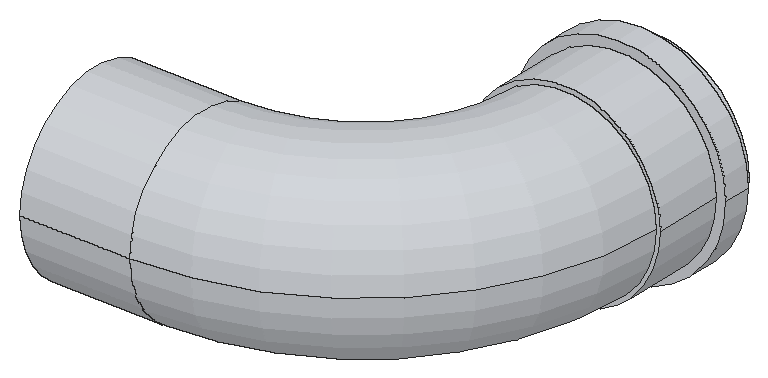
Revit family "Dobrado - PVC - SW", category Conexões de tubo, Revit 2019
Family settings
  Cota do conector redondo = Usar raio
  Tipo de parte = Cotovelo
  ID de item do Seek = Elbow - Generic-0000-CAN-ENU
  Com base no plano de trabalho = Não
  Sempre na vertical = Sim
  Corte com vazios quando carregada = Não
  Compartilhado = Não
Parameters (values of type "Padrão")
  Tamanho da marca de revisão [instance] = Diâmetro externo da conexão * 0.4  # 17.6 mm
  Espessura do anel elevado [instance] = Profundidade do soquete * 0.12  # 3.12 mm
  Raio nominal [instance] = 20 mm
  Diâmetro nominal [instance] = Raio nominal * 2  # 40 mm
  Método de perda = Não definido
  Nome da tabela de pesquisa = "BR_Bend - PVC - SW"
  K Coefficient Table = (empty or 0)
  Raio externo da conexão [instance] = Diâmetro externo da conexão / 2  # 22 mm
  Diâmetro externo da conexão [instance] = size_lookup(Nome da tabela de pesquisa, "FOD", 1.0362 * Diâmetro nominal + 2.30 mm, Diâmetro nominal)  # 44 mm
  Description = ""
  Centro para o soquete [instance] = Raio do centro * tan(Ângulo / 2)  # 47.4 mm
  Raio do centro [instance] = size_lookup(Nome da tabela de pesquisa, "CRad", 1.1766 * Diâmetro nominal + 1.40 mm, Diâmetro nominal)  # 47.4 mm
  Espessura do anel [instance] = Profundidade do soquete * 0.25  # 6.5 mm
  Profundidade do soquete [instance] = size_lookup(Nome da tabela de pesquisa, "SDpt", 0.6619 * Diâmetro nominal - 1.80 mm, Diâmetro nominal)  # 26 mm
  Raio externo do anel [instance] = Raio externo do soquete * 1.1  # 25.41 mm
  Raio externo do soquete [instance] = Raio externo da conexão * 1.05  # 23.1 mm
  Ângulo [instance] = 90.00°
Reference planes
  plane 1 "Centro (Frente/Trás)": y = 0
  plane 2: z = 0
  plane 3 "Centro (Esquerda/Direita)": x = 0
  plane 4: x = -47.4
  plane 5: y = 47.4
  plane 6: y = 17.6
  plane 7: y = -17.6
Forms (mm)
  Sweep 1, solid, detail levels fine
    path in 3D
      loop
        line (-73.4, 0, 0) -> (-47.4, 0, 0)
        arc (-47.4, 0, 0) -> (-13.883, 13.883, 0) -> (0, 47.4, 0) r 47.4
    profile origin (-13.883, 13.883, 0) x (-0.707107, 0.707107, 0) y (0, 0, 1)
      loop
        circle (0, 0) r 22
  Sweep 2, solid, detail levels fine
    path in 3D
      loop
        line (0, 47.4, 0) -> (0, 73.4, 0)
    profile origin (0, 60.4, 0) x (-1, 0, 0) y (0, 0, 1)
      loop
        circle (0, 0) r 23.1
  Sweep 3, solid, detail levels fine
    path origin (0, 0, 0) x (1, 0, 0) y (0, 1, 0)
      loop
        line (0, 70.28) -> (0, 63.78)
    profile origin (0, 67.03, 0) x (1, 0, 0) y (0, 0, 1)
      loop
        circle (0, 0) r 25.41
Cuts and joins
  joined: Sweep 1, Sweep 2, Sweep 3
Lines and regions (mm)
  reference lines
    curve 1: line (-47.4, 47.4, 0) -> (-2.95, 47.4, 0)
    curve 2: arc (-47.4, 0, 0) -> (-13.883, 13.883, 0) -> (0, 47.4, 0) r 47.4
    curve 3: line (0, 0, 0) -> (0, 19.05, 0)
    curve 4: line (-17.6, 47.4, 0) -> (-17.6, 7.178, 0)
    curve 5: line (17.6, 0, 0) -> (17.6, 47.4, 0)
    curve 8: line (-47.4, 0, 0) -> (-73.4, 0, 0)
    curve 9: line (0, 47.4, 0) -> (0, 73.4, 0)
    curve 11: line (0, 73.4, 0) -> (0, 66.9, 0)
  model lines, detail levels coarse+medium
    curve 6: arc (-47.4, 0, 0) -> (-13.883, 13.883, 0) -> (0, 47.4, 0) r 47.4
    curve 12: line (-73.4, -17.6, 0) -> (-73.4, 17.6, 0)
    curve 13: line (-47.4, 0, 0) -> (-73.4, 0, 0)
    curve 14: line (-17.6, 73.4, 0) -> (17.6, 73.4, 0)
    curve 15: line (0, 47.4, 0) -> (0, 73.4, 0)
  sketch lines
    curve 7: arc (-47.4, 0, 0) -> (-13.883, 13.883, 0) -> (0, 47.4, 0) r 47.4
    curve 10: line (0, 47.4, 0) -> (0, 73.4, 0)
    curve 16: line (-47.4, 0, 0) -> (-73.4, 0, 0)
Dimensions and locks
  "Centro para o soquete": plane 4 to plane 3 "Centro (Esquerda/Direita)"
  "Raio do centro": plane 5 to plane 1 "Centro (Frente/Trás)"
  "Tamanho da marca de revisão": plane 6 to plane 1 "Centro (Frente/Trás)"
  "Tamanho da marca de revisão": plane 7 to plane 1 "Centro (Frente/Trás)"
  "Tamanho da marca de revisão": curve 3 to curve 4
  "Tamanho da marca de revisão": curve 5 to curve 3
  "Profundidade do soquete": curve 9 to curve 9
  "Profundidade do soquete": curve 8 to curve 8
  "Espessura do anel": curve 11 to curve 11
  "Espessura do anel elevado": Sweep 3 sketch curve to curve 14
  "Espessura do anel": Sweep 3 sketch curve to Sweep 3 sketch curve
  "Raio do centro": radius of curve 2
  "Raio externo da conexão": radius of Sweep 1 sketch curve
  "Raio externo do soquete": radius of Sweep 2 sketch curve
  "Raio externo do anel": radius of Sweep 3 sketch curve
  "Ângulo": angle plane 4 to curve 1
  "Ângulo": angle curve 2 to curve 2
  "Ângulo": angle plane 1 "Centro (Frente/Trás)" to curve 3
  "Ângulo": angle curve 6 to curve 6
  angle curve 9 to curve 1 = 90.00°
  angle curve 11 to curve 1 = 90.00°
  angle curve 14 to curve 5 = 90.00°
  angle curve 15 to curve 1 = 90.00°
  "Ângulo": angle plane 1 "Centro (Frente/Trás)" to Sweep 3 sketch curve
  aligned and locked: plane 4 to curve 1
  aligned and locked: plane 5 to curve 1
  aligned and locked: plane 5 to curve 2
  aligned and locked: plane 4 to curve 2  (x2)
  aligned and locked: plane 1 "Centro (Frente/Trás)" to curve 3
  aligned and locked: plane 3 "Centro (Esquerda/Direita)" to curve 3
  aligned and locked: curve 6 to curve 2
  aligned and locked: plane 6 to curve 12
  aligned and locked: plane 7 to curve 12
  aligned and locked: curve 5 to curve 14
  aligned and locked: curve 14 to curve 4
  aligned and locked: curve 14 to curve 11
  aligned and locked: curve 11 to Sweep 3 sketch curve
  aligned and locked: curve 12 to curve 8
Automatic sketch dimensions
  Sweep 1 sketch curve to profile plane = 0.00 mm
  profile plane to Sweep 1 sketch curve = 0.00 mm
  curve 1 to curve 5 = 0.00 mm
  curve 1 to curve 4 = 0.00 mm
  curve 3 to curve 5 = 0.00 mm
  curve 4 to curve 1 = 40.222 mm
  Sweep 2 sketch curve to profile plane = 0.00 mm  (x2)
  Sweep 3 sketch curve to level = 0.00 mm
  profile plane to Sweep 3 sketch curve = 0.00 mm
Connectors
  piping at (-73.4, 0, 0), diameter 40, driven by "Raio nominal", driven by "Ângulo"
    settings: on cut or joined group of Sweep 1, Sweep 2, Sweep 3, index 1, connector inside diameter 40 mm, connector length 0.00 mm, flow factor 0, pipe flow 0.0 L/s, pressure drop 0.0 Pa, fitting loss kfactor 0, connector angle 90.00°, fixture units 0, engagement length 0.00 mm, angle of deflection 0.00°, flow configuration 0, flow direction 0, fitting loss method 0, system type 28, joint type 0, gender type 0, connector reference index 2, connector utility 0, adjustable connector no, is connector primary yes, connector description ""
  piping at (0, 73.4, 0), diameter 40, driven by "Raio nominal", driven by "Ângulo"
    settings: on cut or joined group of Sweep 1, Sweep 2, Sweep 3, index 2, connector inside diameter 40 mm, connector length 0.00 mm, flow factor 0, pipe flow 0.0 L/s, pressure drop 0.0 Pa, fitting loss kfactor 0, connector angle 90.00°, fixture units 0, engagement length 0.00 mm, angle of deflection 0.00°, flow configuration 0, flow direction 0, fitting loss method 0, system type 28, joint type 0, gender type 0, connector reference index 1, connector utility 0, adjustable connector no, is connector primary no, connector description ""
